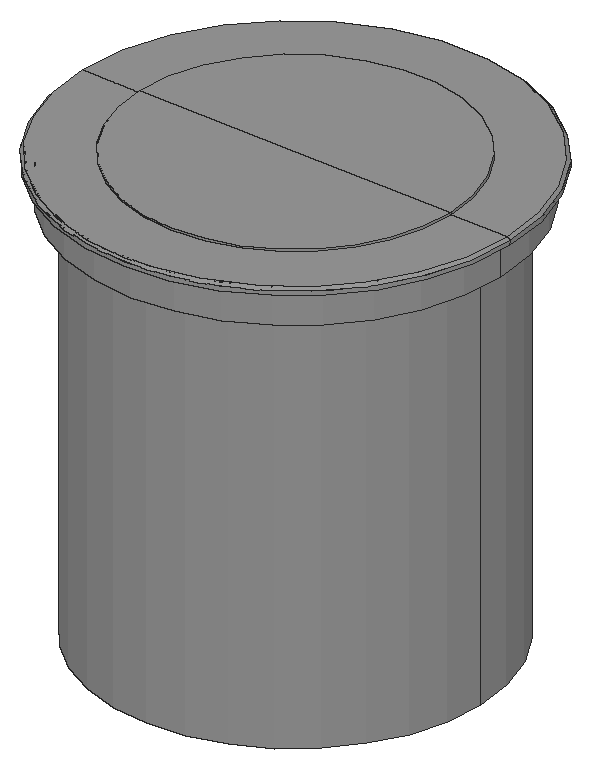
Revit family "Interrata - Copy - Copy (2)", category Lighting Fixtures, host Face, Revit 2017
Family settings
  Host = Face
  Round Connector Dimension = Use Diameter
  Part Type = Normal
  OmniClass Number = 23.80.70.00
  OmniClass Title = Lighting
  Cut with Voids When Loaded = No
  Light Source = No
  Shared = No
  Room Calculation Point = No
Parameters (values of type "0049044")
  XS_SYL = no
  Weight = ""
  Wattage Comments = ""
  WarrantyStartDate [instance] = "n/a"
  WarrantyGuarantorParts = "n/a"
  WarrantyDurationUnit = "n/a"
  WarrantyDurationParts = "n/a"
  WarrantyDescription = "n/a"
  Voltage = 0 V
  URL = "http://www.sylvania-lighting.com"
  TypeName = ""
  TypeLamp_SYL = Interrata Lamp : 0049044 INTERRATA ADJUSTABLE L  CL 2000LM 830 MB
  Type Image = <None>
  Type Comments = "n/a"
  Thickness_SYL = 2.5 mm  # constant formula
  Step2_SYL = if(XS_SYL, 99.8 mm, if(S_SYL, 121 mm, if(L_SYL, 236 mm, 206 mm)))  # 236 mm
  Step1_SYL = if(XS_SYL, 26.2 mm, if(S_SYL, 15 mm, if(L_SYL, 19.5 mm, 17.5 mm)))  # 19.5 mm
  SerialNumber [instance] = "n/a"
  S_SYL = no
  RotationAngle_SYL [instance] = 0.00°
  RingHeight_SYL = if(XS_SYL, 3 mm, if(S_SYL, 3 mm, if(L_SYL, 4 mm, 2.8 mm)))  # 4 mm
  RevolutionAxisFromRefLevel_SYL = if(XS_SYL, 27 mm, if(S_SYL, 45 mm, if(L_SYL, 74 mm, 59.5 mm)))  # 74 mm
  Radius_SYL = if(XS_SYL, 50 mm, if(S_SYL, 60 mm, if(L_SYL, 130 mm, 100 mm)))  # 130 mm
  Radius3_SYL = if(XS_SYL, 31.5 mm, if(S_SYL, 41.7 mm, if(L_SYL, 112 mm, 96 mm)))  # 112 mm
  Radius2_SYL = if(XS_SYL, 33.5 mm, if(S_SYL, 53 mm, if(L_SYL, 124 mm, 98 mm)))  # 124 mm
  Material_3_SYL = none
  PowerFactor = 0
  PowerConsumption = ""
  NominalLength = 0 mm
  NominalHeight = 0 mm
  NominalDepth = 0 mm
  Name = ""
  ModelReference = Name  # ""
  ModelNumber = ""
  Model = Name  # ""
  Material = ""
  ManufacturerName = "Feilo Sylvania"
  Manufacturer = "Feilo Sylvania"
  L_SYL = yes
  LuminousEfficacy = ""
  LuminaireType = ""
  LightOutputRatio = ""
  LampsType = Lamp  # ""
  EndAngle_SYL [instance] = RotationAngle_SYL + 180.00°  # 180.00°
  BodyThickness_SYL = 3 mm  # constant formula
  BodyHeight3_SYL = if(XS_SYL, 80 mm, if(S_SYL, 45 mm, if(L_SYL, 21 mm, 29.4 mm)))  # 21 mm
  BodyRad_SYL = if(XS_SYL, 30 mm, if(S_SYL, 50 mm, if(L_SYL, 120 mm, 95 mm)))  # 120 mm
  LampNominalLuminous = ""
  LampMacAdamStep = ""
  BodyRad2_SYL = if(XS_SYL, 16.5 mm, if(S_SYL, 35.5 mm, if(L_SYL, 82.5 mm, 54.5 mm)))  # 82.5 mm
  BodyRad1_SYL = if(XS_SYL, 23.6 mm, if(S_SYL, 35.5 mm, if(L_SYL, 99.4 mm, 68.5 mm)))  # 99.4 mm
  BodyHeight4_SYL = if(XS_SYL, 5.5 mm, if(S_SYL, 45 mm, if(L_SYL, 82.2 mm, 66.6 mm)))  # 82.2 mm
  BodyHeight2_SYL = if(XS_SYL, 4.5 mm, if(S_SYL, 5.5 mm, if(L_SYL, 34 mm, 19.5 mm)))  # 34 mm
  BodyHeight1_SYL = if(XS_SYL, 4.5 mm, if(S_SYL, 4 mm, if(L_SYL, 14 mm, 9.5 mm)))  # 14 mm
  LampColourTemperature = ""
  LampColourRenderingIndex = ""
  Lamp = ""
  Keynote = "16500"
  InstallationDate [instance] = "n/a"
  InputVoltage = ""
  InputNominalFrequency = ""
  IngressProtection = ""
  ImpactProtectionIndex = ""
  IfcExportType = "IfcLightFixtureType"
  IfcExportAs = "IfcLightFixtureType"
  ElectricShockClassification = ""
  DocumentationLiterature = ""
  DimmingControlOptions = ""
  Material_2_SYL = Polycarbonate, Clear
  DiffuserRad_SYL = if(XS_SYL, 21 mm, if(S_SYL, 33 mm, if(L_SYL, 94 mm, 66 mm)))  # 94 mm
  Description = ""
  Default Elevation = 100 mm
  CreatedOn = ""
  CreatedBy = ""
  Cost = 0
  built-in parameter 1114216 [instance] = (empty or 0)
  ClassificationValue = "EF_70_80"
  ClassificationName = "Uniclass2015"
  Material_1_SYL = Stainless Steel
  Chamfer_SYL = 1.5 mm  # constant formula
  BarCode [instance] = "n/a"
  AssetType = ""
  AssetIdentifier [instance] = "n/a"
  Assembly Code = "D5020200"
  Apparent Load = 0 VA
  Material_4_SYL = none
Types (10, lengths in mm): name | XS_SYL | TypeLamp_SYL | Step2_SYL | Step1_SYL | S_SYL | RingHeight_SYL | RevolutionAxisFromRefLevel_SYL | Radius_SYL | Radius3_SYL | Radius2_SYL | L_SYL | BodyHeight3_SYL | BodyRad_SYL | BodyRad2_SYL | BodyRad1_SYL | BodyHeight4_SYL | BodyHeight2_SYL | BodyHeight1_SYL | DiffuserRad_SYL
  0049036 | yes | Interrata Lamp : 0049036 INTERRATA XS  FROSTED 100LM 830  | 99.8 | 26.2 | no | 3 | 27 | 50 | 31.5 | 33.5 | no | 80 | 30 | 16.5 | 23.6 | 5.5 | 4.5 | 4.5 | 21
  0049042 | no | Interrata Lamp : 0049042 INTERRATA ADJUSTABLE M  CL 1000LM 830 MB | 206 | 17.5 | no | 2.8 | 59.5 | 100 | 96 | 98 | no | 29.4 | 95 | 54.5 | 68.5 | 66.6 | 19.5 | 9.5 | 66
  0049043 | no | Interrata Lamp : 0049043 INTERRATA ADJUSTABLE M  CL 1000LM 840 MB | 206 | 17.5 | no | 2.8 | 59.5 | 100 | 96 | 98 | no | 29.4 | 95 | 54.5 | 68.5 | 66.6 | 19.5 | 9.5 | 66
  0049044 | no | Interrata Lamp : 0049044 INTERRATA ADJUSTABLE L  CL 2000LM 830 MB | 236 | 19.5 | no | 4 | 74 | 130 | 112 | 124 | yes | 21 | 120 | 82.5 | 99.4 | 82.2 | 34 | 14 | 94
  0049037 | yes | Interrata Lamp : 0049037 INTERRATA XS  FROSTED 100LM 840  | 99.8 | 26.2 | no | 3 | 27 | 50 | 31.5 | 33.5 | no | 80 | 30 | 16.5 | 23.6 | 5.5 | 4.5 | 4.5 | 21
  0049039 | yes | Interrata Lamp : 0049039 INTERRATA XS  CLEAR 100LM 840 NB | 99.8 | 26.2 | no | 3 | 27 | 50 | 31.5 | 33.5 | no | 80 | 30 | 16.5 | 23.6 | 5.5 | 4.5 | 4.5 | 21
  0049038 | yes | Interrata Lamp : 0049038 INTERRATA XS  CLEAR 100LM 830 NB | 99.8 | 26.2 | no | 3 | 27 | 50 | 31.5 | 33.5 | no | 80 | 30 | 16.5 | 23.6 | 5.5 | 4.5 | 4.5 | 21
  0049040 | no | Interrata Lamp : 0049040 INTERRATA ADJUSTABLE S  CL 400LM 830 MB | 121 | 15 | yes | 3 | 45 | 60 | 41.7 | 53 | no | 45 | 50 | 35.5 | 35.5 | 45 | 5.5 | 4 | 33
  0049041 | no | Interrata Lamp : 0049041 INTERRATA ADJUSTABLE S  CL 400LM 840 MB | 121 | 15 | yes | 3 | 45 | 60 | 41.7 | 53 | no | 45 | 50 | 35.5 | 35.5 | 45 | 5.5 | 4 | 33
  0049045 | no | Interrata Lamp : 0049045 INTERRATA ADJUSTABLE L  CL 2000LM 840 MB | 236 | 19.5 | no | 4 | 74 | 130 | 112 | 124 | yes | 21 | 120 | 82.5 | 99.4 | 82.2 | 34 | 14 | 94
Reference planes
  plane 1 "Center (Front/Back)": y = 0
  plane 2: z = 2.5
  plane 3 "Center (Left/Right)": x = 0
  plane 4: z = 4
  plane 5: x = -94
  plane 6: x = -128.5
  plane 7: x = -130
  plane 8: x = -124
  plane 9: z = 5
  plane 10: z = -19.5
  plane 11: z = -255.5
  plane 12: x = -112
  plane 13: x = -120
  plane 14: z = -14
  plane 15: z = -48
  plane 16: x = -121.5
  plane 17: z = -17
  plane 18: x = -109.5
  plane 19: z = -69
  plane 20: z = -151.2
  plane 21: x = -99.4
  plane 22: x = -82.5
  plane 23: x = -117
  plane 24: x = -96.4
  plane 25: x = -79.5
  plane 26: z = -148.2
  plane 27: z = -11
  plane 28: z = -74
Forms (mm)
  Revolve 1, solid, material "Stainless Steel" <- "Material_1_SYL"
    sketch origin (0, 0, 0) x (1, 0, 0) y (0, 0, 1)
      loop
        line (-94, 4) -> (-128.5, 4) -> (-130, 2.5) -> (-130, 0) -> (-124, 0) -> (-124, -19.5) -> (-112, -19.5) -> (-112, -255.5) -> (-109.5, -255.5) -> (-109.5, -17) -> (-121.5, -17) -> (-121.5, 0) -> (-94, 0) -> (-94, 4)
      axis (0, 4) -> (0, -255.5)
    angle from 360 to 0
  Revolve 2, void
    sketch origin (0, 0, 0) x (1, 0, 0) y (0, 0, 1)
      loop
        line (-124, 0) -> (-124, -255.5) -> (0, -255.5) -> (0, 0) -> (-124, 0)
      axis (0, 0) -> (0, -255.5)
    angle from 360 to 0
  Revolve 3, solid, material "Polycarbonate, Clear" <- "Material_2_SYL", detail levels medium+fine
    sketch origin (0, 0, 0) x (1, 0, 0) y (0, 0, 1)
      loop
        line (0, 5) -> (-94, 5) -> (-94, 2.5) -> (0, 2.5) -> (0, 5)
      axis (0, 5) -> (0, 2.5)
    angle from 360 to 0
  Revolve 4, solid, detail levels medium+fine
    sketch origin (0, 0, 0) x (1, 0, 0) y (0, 0, 1)
      loop
        line (-117, 0) -> (-120, 0) -> (-120, -14) -> (-99.4, -14) -> (-99.4, -48) -> (-82.5, -69) -> (-82.5, -151.2) -> (0, -151.2) -> (0, -148.2) -> (-79.5, -148.2) -> (-79.5, -68.322) -> (-96.4, -47.322) -> (-96.4, -11) -> (-117, -11) -> (-117, 0)
      axis (0, 0) -> (0, -151.2)
    angle from 360 to 0
  Revolve 5, solid
    sketch origin (-1524.19, -4572, -74) x (-1, 0, 0) y (0, -1, 0)
      loop
        line (-1524.19, -4572) -> (-1524.19, -4582) -> (-1514.19, -4582) -> (-1514.19, -4572) -> (-1524.19, -4572)
      axis (-1524.19, -4582) -> (-1524.19, -4572)
    angle from 0 <- "RotationAngle_SYL" to 180 <- "EndAngle_SYL"
Dimensions and locks
  "DiffuserRad_SYL": plane 3 "Center (Left/Right)" to plane 5
  "Radius_SYL": plane 3 "Center (Left/Right)" to plane 7
  "Chamfer_SYL": plane 6 to plane 7
  "Radius2_SYL": plane 3 "Center (Left/Right)" to plane 8
  locked: plane 9 to plane 4 at 1
  "RingHeight_SYL": plane 4 to level
  "Chamfer_SYL": plane 4 to plane 2
  "Step1_SYL": level to plane 10
  "Step2_SYL": plane 10 to plane 11
  "Radius3_SYL": plane 3 "Center (Left/Right)" to plane 12
  "BodyRad_SYL": plane 3 "Center (Left/Right)" to plane 13
  "BodyHeight1_SYL": level to plane 14
  "BodyHeight2_SYL": plane 14 to plane 15
  "Thickness_SYL": plane 16 to plane 8
  "Thickness_SYL": plane 17 to plane 10
  "Thickness_SYL": plane 18 to plane 12
  "BodyHeight3_SYL": plane 15 to plane 19
  "BodyHeight4_SYL": plane 19 to plane 20
  "BodyRad1_SYL": plane 3 "Center (Left/Right)" to plane 21
  "BodyRad2_SYL": plane 3 "Center (Left/Right)" to plane 22
  "BodyThickness_SYL": plane 26 to plane 20
  "BodyThickness_SYL": plane 25 to plane 22
  "BodyThickness_SYL": plane 24 to plane 21
  "BodyThickness_SYL": plane 23 to plane 13
  "BodyThickness_SYL": plane 27 to plane 14
  "RevolutionAxisFromRefLevel_SYL": level to plane 28
  aligned and locked: level to host face
  aligned and locked: Revolve 1 sketch curve to plane 4
  aligned and locked: plane 7 to Revolve 1 sketch curve
  aligned and locked: Revolve 1 sketch curve to level
  aligned and locked: plane 10 to Revolve 1 sketch curve
  aligned and locked: Revolve 1 sketch curve to plane 12
  aligned and locked: plane 5 to Revolve 1 sketch curve
  aligned and locked: Revolve 1 sketch curve to plane 3 "Center (Left/Right)"
  aligned and locked: Revolve 1 sketch curve to plane 11
  aligned and locked: Revolve 2 sketch curve to plane 3 "Center (Left/Right)"  (x2)
  aligned and locked: Revolve 3 sketch curve to plane 9
  aligned and locked: Revolve 3 sketch curve to plane 5
  aligned and locked: Revolve 3 sketch curve to plane 2
  aligned and locked: plane 3 "Center (Left/Right)" to Revolve 3 sketch curve
  aligned and locked: Revolve 3 sketch curve to plane 3 "Center (Left/Right)"
  aligned and locked: Revolve 1 sketch curve to plane 18
  aligned and locked: plane 17 to Revolve 1 sketch curve
  aligned and locked: Revolve 4 sketch curve to plane 3 "Center (Left/Right)"  (x2)
  aligned and locked: Revolve 4 sketch curve to plane 26
  aligned and locked: Revolve 4 sketch curve to plane 20
  aligned and locked: Revolve 4 sketch curve to plane 22
  aligned and locked: Revolve 4 sketch curve to plane 25
  aligned and locked: plane 15 to Revolve 4 sketch curve
  aligned and locked: plane 21 to Revolve 4 sketch curve
  aligned and locked: Revolve 1 sketch curve to plane 8
  aligned and locked: Revolve 1 sketch curve to plane 16
  aligned and locked: plane 8 to Revolve 2 sketch curve
  aligned and locked: Revolve 2 sketch curve to level
  aligned and locked: Revolve 2 sketch curve to plane 11
  aligned and locked: Revolve 5 sketch curve to plane 1 "Center (Front/Back)"
  aligned and locked: Revolve 5 sketch curve to plane 3 "Center (Left/Right)"  (x2)
Automatic sketch dimensions
  host sketch curve to host sketch curve = 632.037 mm  (x2)
  plane 11 to Revolve 3 sketch curve = 386.1 mm
  Revolve 3 sketch curve to Revolve 3 sketch curve = 2605.258 mm
  Revolve 4 sketch curve to level = 0 mm
  Revolve 4 sketch curve to plane 13 = 0 mm
  Revolve 4 sketch curve to plane 23 = 0 mm
  Revolve 4 sketch curve to plane 14 = 0 mm
  Revolve 4 sketch curve to plane 24 = 0 mm
  Revolve 4 sketch curve to plane 19 = 0 mm
  Revolve 4 sketch curve to plane 27 = 0 mm
  plane 19 to Revolve 4 sketch curve = 0.678 mm
  plane 15 to Revolve 4 sketch curve = 0.678 mm
  plane 11 to Revolve 4 sketch curve = 386.1 mm
  Revolve 4 sketch curve to plane 9 = 2605.258 mm
  Revolve 1 sketch curve to plane 6 = 0 mm
  Revolve 1 sketch curve to level = 0 mm
  Revolve 1 sketch curve to plane 2 = 0 mm
  plane 11 to Revolve 1 sketch curve = 386.1 mm
  Revolve 1 sketch curve to plane 9 = 2605.258 mm
  plane 11 to Revolve 2 sketch curve = 386.1 mm
  Revolve 2 sketch curve to plane 9 = 2605.258 mm
  Revolve 5 sketch curve to plane 3 "Center (Left/Right)" = 10 mm
  Revolve 5 sketch curve to plane 1 "Center (Front/Back)" = 10 mm
  Revolve 5 sketch curve to Revolve 5 sketch curve = 1514 mm
  Revolve 5 sketch curve to Revolve 5 sketch curve = 1524 mm
Nested families
  nested 1: "Interrata Lamp" at (0, 0, -74) x (0, -1, 0) z (0, 0, 1), type <- "TypeLamp_SYL", type "0049044 INTERRATA ADJUSTABLE L  CL 2000LM 830 MB"
    with built-in parameter 1114216 (empty or 0)
Connectors
  electrical at (0, 0, -255.5), driven by "Voltage", driven by "Apparent Load", driven by "PowerFactor"
    settings: on Revolve 1, index 1, voltage 0 V, apparent load 0 VA, apparent load phase1 0 VA, apparent load phase2 0 VA, apparent load phase3 0 VA, power factor 0, load classification "Other", number of poles 1, system type 30, power factor state 1, is connector primary yes, connector utility no, sub classification motor no, connector description ""
Definition of nested family "Interrata Lamp"
  Parameters (values of type "0049038 INTERRATA XS  CLEAR 100LM 830 NB")
    XS_SYL = yes
    Wattage Comments = "n/a"
    Wattage = 0 W
    built-in parameter 1150110 = 1 (stored number, unit not read)
    URL = "http://www.sylvania-lighting.com"
    Type Image = (empty or 0)
    Type Comments = "n/a"
    built-in parameter 1114217 = 1 (stored number, unit not read)
    Tilt Angle = -90.00°
    built-in parameter 1150109 = 1 (stored number, unit not read)
    built-in parameter 1150134 = (empty or 0)
    built-in parameter 1150113 = 1 (stored number, unit not read)
    S_SYL = no
    Rad_SYL = if(XS_SYL, 27.5 mm, if(S_SYL, 17 mm, if(L_SYL, 36 mm, 41 mm)))  # 27.5 mm
    Rad4_SYL = if(XS_SYL, 11 mm, if(S_SYL, 20 mm, if(L_SYL, 55 mm, 40 mm)))  # 11 mm
    Rad3_SYL = if(XS_SYL, 12.5 mm, if(S_SYL, 24 mm, if(L_SYL, 57 mm, 41 mm)))  # 12.5 mm
    Rad2_SYL = if(XS_SYL, 20.2 mm, if(S_SYL, 29 mm, if(L_SYL, 75 mm, 51.5 mm)))  # 20.2 mm
    Photometric Web File = ""
    built-in parameter 1150142 = (empty or 0)
    Material_3_SYL = none
    Model = "INTERRATA XS IP67 CLEAR 100LM 830 NB"
    Manufacturer = "Feilo Sylvania"
    built-in parameter 1150105 = (empty or 0)
    Lumens = 0 lm
    built-in parameter 1150115 = 1 (stored number, unit not read)
    built-in parameter 1150137 = (empty or 0)
    built-in parameter 1150139 = (empty or 0)
    built-in parameter 1150112 = 1 (stored number, unit not read)
    built-in parameter 1150114 = 1 (stored number, unit not read)
    Lamp = "LED"
    L_SYL = no
    Keynote = "16500"
    Material_2_SYL = none
    built-in parameter 1150132 = (empty or 0)
    built-in parameter 1150102 = (empty or 0)
    built-in parameter 1150107 = (empty or 0)
    built-in parameter 1150138 = (empty or 0)
    built-in parameter 1150106 = 1.0982 (stored number, unit not read)
    Height4_SYL = if(XS_SYL, 9.1 mm, if(S_SYL, 10 mm, if(L_SYL, 22 mm, 10.5 mm)))  # 9.1 mm
    Height3_SYL = if(XS_SYL, 4 mm, if(S_SYL, 8 mm, if(L_SYL, 8.7 mm, 6.7 mm)))  # 4 mm
    Height2_SYL = if(XS_SYL, 7.4 mm, if(S_SYL, 2 mm, if(L_SYL, 2 mm, 2 mm)))  # 7.4 mm
    Height1_SYL = if(XS_SYL, 6.5 mm, if(S_SYL, 8.3 mm, if(L_SYL, 19.5 mm, 18.3 mm)))  # 6.5 mm
    Emit from Circle Diameter = Rad_SYL * 2  # 55 mm
    Emit Shape Visible in Rendering = no
    built-in parameter 1150104 = (empty or 0)
    Dimming Lamp Color Temperature Shift = (empty or 0)
    Description = ""
    Default Elevation = 1219.2 mm
    Cost = 0
    Color Filter = 16777215
    built-in parameter 1114216 [instance] = (empty or 0)
    Material_1_SYL = none
    BottomFromRefLevel = if(XS_SYL, 0.1 mm, if(S_SYL, 4 mm, if(L_SYL, 7 mm, 0.1 mm)))  # 0.1 mm
    built-in parameter 1114218 = 1 (stored number, unit not read)
    built-in parameter 1150133 = 10 (stored number, unit not read)
    Assembly Code = "D5020200"
    Apparent Load = 0 VA
    Material_4_SYL = none
  Types (16, lengths in mm): name | XS_SYL | S_SYL | Rad_SYL | Rad4_SYL | Rad3_SYL | Rad2_SYL | Model | L_SYL | Height4_SYL | Height3_SYL | Height2_SYL | Height1_SYL | Emit from Circle Diameter | BottomFromRefLevel
    0049051 INTERRATA ADJUSTABLE L HONEYCOMB | no | no | 36 | 55 | 57 | 75 | "INTERRATA ADJUSTABLE L HONEYCOMB" | yes | 22 | 8.7 | 2 | 19.5 | 72 | 7
    0049050 INTERRATA ADJUSTABLE M HONEYCOMB | no | no | 41 | 40 | 41 | 51.5 | "INTERRATA ADJUSTABLE M HONEYCOMB" | no | 10.5 | 6.7 | 2 | 18.3 | 82 | 0.1
    0049049 INTERRATA ADJUSTABLE S HONEYCOMB | no | yes | 17 | 20 | 24 | 29 | "INTERRATA ADJUSTABLE S HONEYCOMB" | no | 10 | 8 | 2 | 8.3 | 34 | 4
    0049048 INTERRATA ADJUSTABLE L  FROSTED GLASS | no | no | 36 | 55 | 57 | 75 | "INTERRATA ADJUSTABLE L  FROSTED GLASS" | yes | 22 | 8.7 | 2 | 19.5 | 72 | 7
    0049047 INTERRATA ADJUSTABLE M FROSTED GLASS | no | no | 41 | 40 | 41 | 51.5 | "INTERRATA ADJUSTABLE M FROSTED GLASS" | no | 10.5 | 6.7 | 2 | 18.3 | 82 | 0.1
    0049046 INTERRATA ADJUSTABLE S FROSTED GLASS | no | yes | 17 | 20 | 24 | 29 | "INTERRATA ADJUSTABLE S FROSTED GLASS" | no | 10 | 8 | 2 | 8.3 | 34 | 4
    0049045 INTERRATA ADJUSTABLE L  CL 2000LM 840 MB | no | no | 36 | 55 | 57 | 75 | "INTERRATA ADJUSTABLE L IP67 CLEAR 2000LM 840 MB" | yes | 22 | 8.7 | 2 | 19.5 | 72 | 7
    0049044 INTERRATA ADJUSTABLE L  CL 2000LM 830 MB | no | no | 36 | 55 | 57 | 75 | "INTERRATA ADJUSTABLE L IP67 CLEAR 2000LM 830 MB" | yes | 22 | 8.7 | 2 | 19.5 | 72 | 7
    0049043 INTERRATA ADJUSTABLE M  CL 1000LM 840 MB | no | no | 41 | 40 | 41 | 51.5 | "INTERRATA ADJUSTABLE M IP67 CLEAR 1000LM 840 MB" | no | 10.5 | 6.7 | 2 | 18.3 | 82 | 0.1
    0049042 INTERRATA ADJUSTABLE M  CL 1000LM 830 MB | no | no | 41 | 40 | 41 | 51.5 | "INTERRATA ADJUSTABLE M IP67 CLEAR 1000LM 830 MB" | no | 10.5 | 6.7 | 2 | 18.3 | 82 | 0.1
    0049041 INTERRATA ADJUSTABLE S  CL 400LM 840 MB | no | yes | 17 | 20 | 24 | 29 | "INTERRATA ADJUSTABLE S IP67 CLEAR 400LM 840 MB" | no | 10 | 8 | 2 | 8.3 | 34 | 4
    0049040 INTERRATA ADJUSTABLE S  CL 400LM 830 MB | no | yes | 17 | 20 | 24 | 29 | "INTERRATA ADJUSTABLE S IP67 CLEAR 400LM 830 MB" | no | 10 | 8 | 2 | 8.3 | 34 | 4
    0049039 INTERRATA XS  CLEAR 100LM 840 NB | yes | no | 27.5 | 11 | 12.5 | 20.2 | "INTERRATA XS IP67 CLEAR 100LM 840 NB" | no | 9.1 | 4 | 7.4 | 6.5 | 55 | 0.1
    0049038 INTERRATA XS  CLEAR 100LM 830 NB | yes | no | 27.5 | 11 | 12.5 | 20.2 | "INTERRATA XS IP67 CLEAR 100LM 830 NB" | no | 9.1 | 4 | 7.4 | 6.5 | 55 | 0.1
    0049037 INTERRATA XS  FROSTED 100LM 840 | yes | no | 27.5 | 11 | 12.5 | 20.2 | "INTERRATA XS IP67 FROSTED 100LM 840" | no | 9.1 | 4 | 7.4 | 6.5 | 55 | 0.1
    0049036 INTERRATA XS  FROSTED 100LM 830 | yes | no | 27.5 | 11 | 12.5 | 20.2 | "INTERRATA XS IP67 FROSTED 100LM 830" | no | 9.1 | 4 | 7.4 | 6.5 | 55 | 0.1
  Reference planes
    plane 1 "Center (Front/Back)": y = 0
    plane 2: z = 0
    plane 3 "Center (Left/Right)": x = 0
    plane 4: z = -0.1
    plane 5: z = 9
    plane 6: z = 13
    plane 7: z = 20.4
    plane 8: z = 26.9
    plane 9: x = -11
    plane 10: x = -12.5
    plane 11: x = -20.2
    plane 12: x = -27.5
  Forms (mm)
    Extrusion 1, solid
      sketch origin (4.2, 0, 0) x (1, 0, 0) y (0, 1, 0)
        loop
          line (-43.406, 38.688) -> (-43.406, -41.283) -> (36.565, -41.283) -> (36.565, 38.688) -> (-43.406, 38.688)
      from 0 to -68.017
    Revolve 2, solid, material <- "Material_1_SYL"
      sketch origin (0, 0, 0) x (1, 0, 0) y (0, 0, 1)
        loop
          line (0, 26.9) -> (-27.5, 26.9) -> (-27.5, 20.4) -> (-20.2, 20.4) -> (-20.2, 13) -> (-12.5, 13) -> (-12.5, 9) -> (-11, 9) -> (-11, -0.1) -> (0, -0.1) -> (0, 26.9)
        axis (0, 26.9) -> (0, -0.1)
      angle from 360 to 0
  Dimensions and locks
    "BottomFromRefLevel": level to plane 4
    "Height4_SYL": plane 5 to plane 4
    "Height3_SYL": plane 6 to plane 5
    "Height2_SYL": plane 7 to plane 6
    "Height1_SYL": plane 8 to plane 7
    "Rad4_SYL": plane 3 "Center (Left/Right)" to plane 9
    "Rad3_SYL": plane 3 "Center (Left/Right)" to plane 10
    "Rad2_SYL": plane 3 "Center (Left/Right)" to plane 11
    "Rad_SYL": plane 3 "Center (Left/Right)" to plane 12
    aligned and locked: plane 2 to Extrusion 1
    aligned and locked: level to Extrusion 1
    aligned and locked: Revolve 2 sketch curve to plane 3 "Center (Left/Right)"
    aligned and locked: plane 8 to Revolve 2 sketch curve
    aligned and locked: Revolve 2 sketch curve to plane 12
    aligned and locked: Revolve 2 sketch curve to plane 7
    aligned and locked: Revolve 2 sketch curve to plane 11
    aligned and locked: Revolve 2 sketch curve to plane 6
    aligned and locked: Revolve 2 sketch curve to plane 10
    aligned and locked: Revolve 2 sketch curve to plane 9
    aligned and locked: Revolve 2 sketch curve to plane 5
    aligned and locked: Revolve 2 sketch curve to plane 4
    aligned and locked: plane 3 "Center (Left/Right)" to Revolve 2 sketch curve
    aligned and locked: plane 8 to imposter light
    aligned and locked: plane 3 "Center (Left/Right)" to imposter light
  Automatic sketch dimensions
    Revolve 2 sketch curve to level = 609.6 mm
    Revolve 2 sketch curve to Revolve 2 sketch curve = 2572.058 mm
    Extrusion 1 sketch curve to Extrusion 1 sketch curve = 79.971 mm  (x2)
